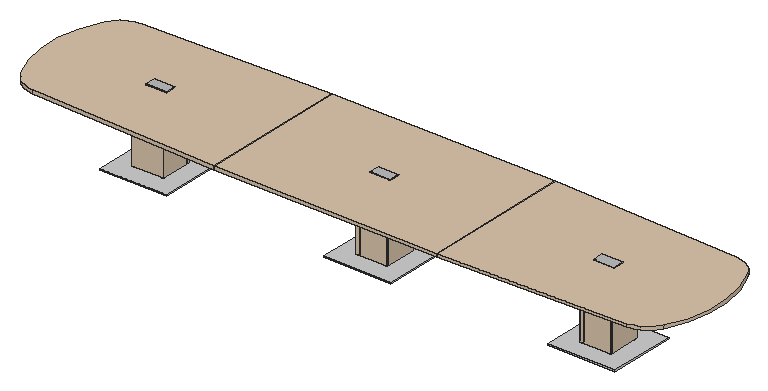
Revit family "Haworth_Planes_ColumnBaseConferenceTable_PebbleThreePiece", category Furniture Systems, Revit 2018 (continued)
Definition of nested family "Haworth_Planes_Worksurface_Pebble_3Piece_PART"
  Definition of nested family "Haworth_Planes_Worksurface_Pebble60_3Pieces_Part"
    Automatic sketch dimensions
      plane 1 "Center F/B" to Masking region 8 sketch curve = 678.2735"
      Masking region 8 sketch curve to Masking region 8 sketch curve = 58.37031"  (x2)
      Masking region 8 sketch curve to Masking region 8 sketch curve = 29.17804"  (x3)
      Masking region 8 sketch curve to Masking region 8 sketch curve = 78.68392"  (x3)
      plane 1 "Center F/B" to Masking region 8 sketch curve = 29.84"
      Masking region 8 sketch curve to Masking region 8 sketch curve = 14.45132"  (x2)
      Masking region 8 sketch curve to Masking region 8 sketch curve = 15.38868"  (x2)
      Masking region 8 sketch curve to Masking region 8 sketch curve = 30.77737"  (x2)
      Masking region 8 sketch curve to Masking region 8 sketch curve = 29.84"
      Masking region 8 sketch curve to Masking region 8 sketch curve = 648.4335"
      Masking region 8 sketch curve to Masking region 8 sketch curve = 1.07982"  (x4)
      Masking region 9 sketch curve to plane 3 "Center L/R" = 100.71227"
      Masking region 9 sketch curve to Masking region 9 sketch curve = 0"  (x7)
      Masking region 9 sketch curve to Masking region 9 sketch curve = 29.19227"  (x2)
      plane 1 "Center F/B" to Masking region 9 sketch curve = 726.61063"
      Masking region 9 sketch curve to plane 3 "Center L/R" = 40.3429"  (x2)
      Masking region 9 sketch curve to Masking region 9 sketch curve = 31.1771"  (x3)
      Masking region 9 sketch curve to Masking region 9 sketch curve = 80.68579"  (x3)
      plane 1 "Center F/B" to Masking region 9 sketch curve = 29.84"
      Masking region 9 sketch curve to Masking region 9 sketch curve = 14.45132"  (x2)
      Masking region 9 sketch curve to Masking region 9 sketch curve = 15.38868"  (x2)
      Masking region 9 sketch curve to Masking region 9 sketch curve = 30.77737"  (x2)
      Masking region 9 sketch curve to Masking region 9 sketch curve = 29.84"
      Masking region 9 sketch curve to Masking region 9 sketch curve = 696.77063"
      Masking region 9 sketch curve to Masking region 9 sketch curve = 1.07982"  (x4)
      Masking region 10 sketch curve to plane 3 "Center L/R" = 103.71227"
      Masking region 10 sketch curve to Masking region 10 sketch curve = 0"  (x7)
      Masking region 10 sketch curve to Masking region 10 sketch curve = 29.19227"  (x2)
      plane 1 "Center F/B" to Masking region 10 sketch curve = 776.54695"
      Masking region 10 sketch curve to plane 3 "Center L/R" = 41.3438"  (x2)
      Masking region 10 sketch curve to Masking region 10 sketch curve = 33.1762"  (x3)
      Masking region 10 sketch curve to Masking region 10 sketch curve = 82.68761"  (x3)
      plane 1 "Center F/B" to Masking region 10 sketch curve = 29.84"
      Masking region 10 sketch curve to Masking region 10 sketch curve = 14.45132"  (x2)
      Masking region 10 sketch curve to Masking region 10 sketch curve = 15.38868"  (x2)
      Masking region 10 sketch curve to Masking region 10 sketch curve = 30.77737"  (x2)
      Masking region 10 sketch curve to Masking region 10 sketch curve = 29.84"
      Masking region 10 sketch curve to Masking region 10 sketch curve = 746.70695"
      Masking region 10 sketch curve to Masking region 10 sketch curve = 1.07982"  (x4)
      Masking region 11 sketch curve to plane 3 "Center L/R" = 106.71227"
      Masking region 11 sketch curve to Masking region 11 sketch curve = 0"  (x7)
      Masking region 11 sketch curve to Masking region 11 sketch curve = 29.19227"  (x2)
      plane 1 "Center F/B" to Masking region 11 sketch curve = 828.08246"
      Masking region 11 sketch curve to plane 3 "Center L/R" = 42.34469"  (x2)
      Masking region 11 sketch curve to Masking region 11 sketch curve = 35.18"  (x3)
      Masking region 11 sketch curve to Masking region 11 sketch curve = 84.68"
      Masking region 11 sketch curve to Masking region 11 sketch curve = 84.68937"  (x2)
      plane 1 "Center F/B" to Masking region 11 sketch curve = 29.84"
      Masking region 11 sketch curve to Masking region 11 sketch curve = 14.45132"  (x2)
      Masking region 11 sketch curve to Masking region 11 sketch curve = 15.38868"  (x2)
      Masking region 11 sketch curve to Masking region 11 sketch curve = 30.77737"  (x2)
      Masking region 11 sketch curve to Masking region 11 sketch curve = 29.84"
      Masking region 11 sketch curve to Masking region 11 sketch curve = 798.24246"
      Masking region 11 sketch curve to Masking region 11 sketch curve = 1.07982"  (x4)
      Masking region 12 sketch curve to plane 3 "Center L/R" = 109.71227"
      Masking region 12 sketch curve to Masking region 12 sketch curve = 0"  (x7)
      Masking region 12 sketch curve to Masking region 12 sketch curve = 29.19227"  (x2)
      plane 1 "Center F/B" to Masking region 12 sketch curve = 881.21716"
      Masking region 12 sketch curve to plane 3 "Center L/R" = 43.34555"  (x2)
      Masking region 12 sketch curve to Masking region 12 sketch curve = 37.18"  (x3)
      Masking region 12 sketch curve to Masking region 12 sketch curve = 86.68"
      Masking region 12 sketch curve to Masking region 12 sketch curve = 86.69109"  (x2)
      plane 1 "Center F/B" to Masking region 12 sketch curve = 29.84"
      Masking region 12 sketch curve to Masking region 12 sketch curve = 14.45132"  (x2)
      Masking region 12 sketch curve to Masking region 12 sketch curve = 15.38868"  (x2)
      Masking region 12 sketch curve to Masking region 12 sketch curve = 30.77737"  (x2)
      Masking region 12 sketch curve to Masking region 12 sketch curve = 29.84"
      Masking region 12 sketch curve to Masking region 12 sketch curve = 851.37716"
      Masking region 12 sketch curve to Masking region 12 sketch curve = 1.07982"  (x4)
      Masking region 13 sketch curve to plane 3 "Center L/R" = 112.71227"
      Masking region 13 sketch curve to Masking region 13 sketch curve = 0"  (x6)
      Masking region 13 sketch curve to Masking region 13 sketch curve = 29.19227"  (x2)
      plane 1 "Center F/B" to Masking region 13 sketch curve = 935.95104"  (x2)
      Masking region 13 sketch curve to plane 3 "Center L/R" = 44.34639"  (x2)
      Masking region 13 sketch curve to Masking region 13 sketch curve = 39.18"  (x3)
      Masking region 13 sketch curve to Masking region 13 sketch curve = 88.68"
      Masking region 13 sketch curve to Masking region 13 sketch curve = 88.69277"  (x2)
      plane 1 "Center F/B" to Masking region 13 sketch curve = 29.84"
      Masking region 13 sketch curve to Masking region 13 sketch curve = 14.45132"  (x2)
      Masking region 13 sketch curve to Masking region 13 sketch curve = 15.38868"  (x2)
      Masking region 13 sketch curve to Masking region 13 sketch curve = 30.77737"  (x2)
      Masking region 13 sketch curve to Masking region 13 sketch curve = 29.84"
      Masking region 13 sketch curve to Masking region 13 sketch curve = 906.11104"
      Masking region 13 sketch curve to Masking region 13 sketch curve = 1.07982"  (x4)
      Masking region 14 sketch curve to plane 3 "Center L/R" = 115.71227"
      Masking region 14 sketch curve to Masking region 14 sketch curve = 0"  (x6)
      Masking region 14 sketch curve to Masking region 14 sketch curve = 29.19227"  (x2)
      plane 1 "Center F/B" to Masking region 14 sketch curve = 992.28412"  (x2)
      Masking region 14 sketch curve to plane 3 "Center L/R" = 45.34721"  (x2)
      Masking region 14 sketch curve to Masking region 14 sketch curve = 41.18"  (x3)
      Masking region 14 sketch curve to Masking region 14 sketch curve = 90.68"
      Masking region 14 sketch curve to Masking region 14 sketch curve = 90.69442"  (x2)
      plane 1 "Center F/B" to Masking region 14 sketch curve = 29.84"
      Masking region 14 sketch curve to Masking region 14 sketch curve = 14.45132"  (x2)
      Masking region 14 sketch curve to Masking region 14 sketch curve = 15.38868"  (x2)
      Masking region 14 sketch curve to Masking region 14 sketch curve = 30.77737"  (x2)
      Masking region 14 sketch curve to Masking region 14 sketch curve = 29.84"
      Masking region 14 sketch curve to Masking region 14 sketch curve = 962.44412"
      Masking region 14 sketch curve to Masking region 14 sketch curve = 1.07982"  (x4)
      Masking region 15 sketch curve to plane 3 "Center L/R" = 118.71227"
      Masking region 15 sketch curve to Masking region 15 sketch curve = 0"  (x6)
      Masking region 15 sketch curve to Masking region 15 sketch curve = 29.19227"  (x2)
      plane 1 "Center F/B" to Masking region 15 sketch curve = 1050.21638"  (x2)
      Masking region 15 sketch curve to plane 3 "Center L/R" = 46.34801"  (x2)
      Masking region 15 sketch curve to Masking region 15 sketch curve = 43.18"  (x3)
      Masking region 15 sketch curve to Masking region 15 sketch curve = 92.68"
      Masking region 15 sketch curve to Masking region 15 sketch curve = 92.69603"  (x2)
      plane 1 "Center F/B" to Masking region 15 sketch curve = 29.84"
      Masking region 15 sketch curve to Masking region 15 sketch curve = 14.45132"  (x2)
      Masking region 15 sketch curve to Masking region 15 sketch curve = 15.38868"  (x2)
      Masking region 15 sketch curve to Masking region 15 sketch curve = 30.77737"  (x2)
      Masking region 15 sketch curve to Masking region 15 sketch curve = 29.84"
      Masking region 15 sketch curve to Masking region 15 sketch curve = 1020.37638"
      Masking region 15 sketch curve to Masking region 15 sketch curve = 1.07982"  (x4)
  Definition of nested family "Haworth_Planes_Worksurface_Pebble48_3Pieces_Part"
    Parameters (values of type "Worksurface")
      Width = 180"
      Warranty = "https://www.haworth.com/resources/product-info/warranties"
      URL - Product = ""
      URL = "www.haworth.com"
      Thickness = 1 3/16"
      Table Finish = none
      Table Edge Finish = none
      Revision Number = ""
      Note = "Verify Final Dim. w/ Haworth"  # constant formula
      Min. Width = 186"  # constant formula
      Min. Depth = 48"  # constant formula
      Max. Width = 270"  # constant formula
      Max. Depth = 48"  # constant formula
      Manufacturer = "Haworth"  # constant formula
      Depth = 48"  # constant formula
      Cutout Width = 8"  # constant formula
      Cutout Dimension = 3"  # constant formula
      Cutout Depth = 4"  # constant formula
      Center Cutout Offset = Actual Width / 6  # 31"
      Author = "Haworth (Alias)"  # constant formula
      Assembly Code = ""
      Actual Width = if(Width < Min. Width, Min. Width, if(Width > Max. Width, Max. Width, Width))  # 186"
      Actual Height = 29"
      Actual Depth = if(Depth > Max. Depth, Max. Depth, if(Depth < Min. Depth, Min. Depth, Depth))  # 48"
      270w = and(267" < Actual Width, Actual Width < 271")  # no
      264w = and(261" < Actual Width, Actual Width < 268")  # no
      258w = and(255" < Actual Width, Actual Width < 262")  # no
      252w = and(249" < Actual Width, Actual Width < 256")  # no
      246w = and(243" < Actual Width, Actual Width < 250")  # no
      240w = and(237" < Actual Width, Actual Width < 244")  # no
      234w = and(231" < Actual Width, Actual Width < 238")  # no
      228w = and(225" < Actual Width, Actual Width < 232")  # no
      222w = and(219" < Actual Width, Actual Width < 226")  # no
      216w = and(213" < Actual Width, Actual Width < 220")  # no
      210w = and(207" < Actual Width, Actual Width < 214")  # no
      204w = and(201" < Actual Width, Actual Width < 208")  # no
      198w = and(195" < Actual Width, Actual Width < 202")  # no
      192w = and(189" < Actual Width, Actual Width < 196")  # no
      186w = and(185" < Actual Width, Actual Width < 190")  # yes
    Reference planes (in)
      plane 1 "Center F/B": y = 15
      plane 2 "Bottom": z = 0
      plane 3 "Center L/R": x = 0
      plane 4 "Table Top": z = 29
      plane 5 "Table Bottom": z = 27.8125
      plane 6 "Cutout Top": z = 30
      plane 7 "Cutout Bottom": z = 27
      plane 8 "KnifeEdge Middle": z = 28.625
    Forms (in)
      Extrusion 1, solid, material <- "Table Finish", visible <- "186w"
        sketch origin (246.26584, -94.75657, 0) x (1, 0, 0) y (0, 1, 0)
          loop
            arc (-326.67909, 88.43972) -> (-301.9265, 86.51007) -> (-277.10584, 85.91889) r 459.94167
            line (-277.10584, 85.91889) -> (-277.10584, 133.59424)
            arc (-277.10584, 133.59424) -> (-301.9265, 133.00307) -> (-326.67909, 131.07342) r 459.94167
            arc (-326.67909, 131.07342) -> (-333.096, 128.3663) -> (-336.92861, 122.55113) r 12
            arc (-336.92861, 122.55113) -> (-338.78584, 109.75657) -> (-336.92861, 96.96201) r 45
            arc (-336.92861, 96.96201) -> (-333.096, 91.14684) -> (-326.67909, 88.43972) r 12
          loop
            arc (-215.42584, 85.91889) -> (-190.60517, 86.51007) -> (-165.85258, 88.43972) r 459.94167
            arc (-165.85258, 88.43972) -> (-159.43567, 91.14684) -> (-155.60306, 96.96201) r 12
            arc (-155.60306, 96.96201) -> (-153.74584, 109.75657) -> (-155.60306, 122.55113) r 45
            arc (-155.60306, 122.55113) -> (-159.43567, 128.3663) -> (-165.85258, 131.07342) r 12
            arc (-165.85258, 131.07342) -> (-190.60517, 133.00307) -> (-215.42584, 133.59424) r 459.94167
            line (-215.42584, 133.59424) -> (-215.42584, 85.91889)
        from 27.8125 to 29
      Extrusion 2, solid, material <- "Table Finish", visible <- "192w"
        sketch origin (245.89713, -150.09955, 0) x (1, 0, 0) y (0, 1, 0)
          loop
            arc (-277.73713, 188.93741) -> (-303.53038, 188.34609) -> (-329.25861, 186.42256) r 499.05822
            arc (-329.25861, 186.42256) -> (-335.70698, 183.72678) -> (-339.55957, 177.89527) r 12
            arc (-339.55957, 177.89527) -> (-341.41713, 165.09955) -> (-339.55957, 152.30384) r 45
            arc (-339.55957, 152.30384) -> (-335.70698, 146.47233) -> (-329.25861, 143.77655) r 12
            arc (-329.25861, 143.77655) -> (-303.53038, 141.85302) -> (-277.73713, 141.2617) r 499.05822
            line (-277.73713, 141.2617) -> (-277.73713, 188.93741)
          loop
            arc (-214.05713, 141.2617) -> (-188.26388, 141.85302) -> (-162.53566, 143.77655) r 499.05822
            arc (-162.53566, 143.77655) -> (-156.08728, 146.47233) -> (-152.2347, 152.30384) r 12
            arc (-152.2347, 152.30384) -> (-150.37713, 165.09955) -> (-152.2347, 177.89527) r 45
            arc (-152.2347, 177.89527) -> (-156.08728, 183.72678) -> (-162.53566, 186.42256) r 12
            arc (-162.53566, 186.42256) -> (-188.26388, 188.34609) -> (-214.05713, 188.93741) r 499.05822
            line (-214.05713, 188.93741) -> (-214.05713, 141.2617)
        from 27.8125 to 29
      Extrusion 3, solid, material <- "Table Finish", visible <- "198w"
        sketch origin (245.89713, -203.15312, 0) x (1, 0, 0) y (0, 1, 0)
          loop
            line (-278.73713, 194.31509) -> (-278.73713, 241.99114)
            arc (-278.73713, 241.99114) -> (-305.50522, 241.39959) -> (-332.21104, 239.48139) r 539.77619
            arc (-332.21104, 239.48139) -> (-338.68837, 236.79616) -> (-342.55933, 230.94963) r 12
            arc (-342.55933, 230.94963) -> (-344.41713, 218.15312) -> (-342.55933, 205.3566) r 45
            arc (-342.55933, 205.3566) -> (-338.68837, 199.51008) -> (-332.21104, 196.82484) r 12
            arc (-332.21104, 196.82484) -> (-305.50522, 194.90665) -> (-278.73713, 194.31509) r 539.77619
          loop
            arc (-213.05713, 194.31509) -> (-186.28905, 194.90665) -> (-159.58322, 196.82484) r 539.77619
            arc (-159.58322, 196.82484) -> (-153.1059, 199.51008) -> (-149.23494, 205.3566) r 12
            arc (-149.23494, 205.3566) -> (-147.37713, 218.15312) -> (-149.23494, 230.94963) r 45
            arc (-149.23494, 230.94963) -> (-153.1059, 236.79616) -> (-159.58322, 239.48139) r 12
            arc (-159.58322, 239.48139) -> (-186.28905, 241.39959) -> (-213.05713, 241.99114) r 539.77619
            line (-213.05713, 241.99114) -> (-213.05713, 194.31509)
        from 27.8125 to 29
      Extrusion 4, solid, material <- "Table Finish", visible <- "204w"
        sketch origin (245.89713, -254.92312, 0) x (1, 0, 0) y (0, 1, 0)
          loop
            arc (-212.05713, 246.08496) -> (-184.31223, 246.6768) -> (-156.62706, 248.59033) r 582.09556
            arc (-156.62706, 248.59033) -> (-150.12302, 251.26571) -> (-146.23509, 257.12611) r 12
            arc (-146.23509, 257.12611) -> (-144.37713, 269.92312) -> (-146.23509, 282.72014) r 45
            arc (-146.23509, 282.72014) -> (-150.12302, 288.58053) -> (-156.62706, 291.25592) r 12
            arc (-156.62706, 291.25592) -> (-184.31223, 293.16944) -> (-212.05713, 293.76129) r 582.09556
            line (-212.05713, 293.76129) -> (-212.05713, 246.08496)
          loop
            line (-279.73713, 246.08496) -> (-279.73713, 293.76129)
            arc (-279.73713, 293.76129) -> (-307.48204, 293.16944) -> (-335.1672, 291.25592) r 582.09556
            arc (-335.1672, 291.25592) -> (-341.67125, 288.58053) -> (-345.55918, 282.72014) r 12
            arc (-345.55918, 282.72014) -> (-347.41713, 269.92312) -> (-345.55918, 257.12611) r 45
            arc (-345.55918, 257.12611) -> (-341.67125, 251.26571) -> (-335.1672, 248.59033) r 12
            arc (-335.1672, 248.59033) -> (-307.48204, 246.6768) -> (-279.73713, 246.08496) r 582.09556
        from 27.8125 to 29
      Extrusion 5, solid, material <- "Table Finish", visible <- "210w"
        sketch origin (245.87065, -306, 0) x (1, 0, 0) y (0, 1, 0)
          loop
            arc (-211.03065, 297.05204) -> (-182.30718, 297.64422) -> (-153.64113, 299.55364) r 626.01635
            arc (-153.64113, 299.55364) -> (-147.11234, 302.21981) -> (-143.20868, 308.09305) r 12
            arc (-143.20868, 308.09305) -> (-141.35065, 320.89033) -> (-143.20868, 333.68762) r 45
            arc (-143.20868, 333.68762) -> (-147.11234, 339.56085) -> (-153.64113, 342.22702) r 12
            arc (-153.64113, 342.22702) -> (-182.30718, 344.13644) -> (-211.03065, 344.72863) r 626.01635
            line (-211.03065, 344.72863) -> (-211.03065, 297.05204)
          loop
            line (-280.71065, 297.05204) -> (-280.71065, 344.72863)
            arc (-280.71065, 344.72863) -> (-309.43412, 344.13644) -> (-338.10017, 342.22702) r 626.01635
            arc (-338.10017, 342.22702) -> (-344.62895, 339.56085) -> (-348.53262, 333.68762) r 12
            arc (-348.53262, 333.68762) -> (-350.39065, 320.89033) -> (-348.53262, 308.09305) r 45
            arc (-348.53262, 308.09305) -> (-344.62895, 302.21981) -> (-338.10017, 299.55364) r 12
            arc (-338.10017, 299.55364) -> (-309.43412, 297.64422) -> (-280.71065, 297.05204) r 626.01635
        from 27.8125 to 29
      Extrusion 6, solid, material <- "Table Finish", visible <- "216w"
        sketch origin (246.29755, -358.08819, 0) x (1, 0, 0) y (0, 1, 0)
          loop
            line (-282.13755, 349.24978) -> (-282.13755, 396.9266)
            arc (-282.13755, 396.9266) -> (-311.84115, 396.33403) -> (-341.48946, 394.42825) r 671.53854
            arc (-341.48946, 394.42825) -> (-348.04122, 391.77072) -> (-351.9595, 385.88555) r 12
            arc (-351.9595, 385.88555) -> (-353.81755, 373.08819) -> (-351.9595, 360.29083) r 45
            arc (-351.9595, 360.29083) -> (-348.04122, 354.40566) -> (-341.48946, 351.74813) r 12
            arc (-341.48946, 351.74813) -> (-311.84115, 349.84235) -> (-282.13755, 349.24978) r 671.53854
          loop
            arc (-210.45755, 349.24978) -> (-180.75396, 349.84235) -> (-151.10565, 351.74813) r 671.53854
            arc (-151.10565, 351.74813) -> (-144.55389, 354.40566) -> (-140.63561, 360.29083) r 12
            arc (-140.63561, 360.29083) -> (-138.77755, 373.08819) -> (-140.63561, 385.88555) r 45
            arc (-140.63561, 385.88555) -> (-144.55389, 391.77072) -> (-151.10565, 394.42825) r 12
            arc (-151.10565, 394.42825) -> (-180.75396, 396.33403) -> (-210.45755, 396.9266) r 671.53854
            line (-210.45755, 396.9266) -> (-210.45755, 349.24978)
        from 27.8125 to 29
      Extrusion 7, solid, material <- "Table Finish", visible <- "222w"
        sketch origin (245.44136, -409.00645, 0) x (1, 0, 0) y (0, 1, 0)
          loop
            arc (-208.60136, 400.16793) -> (-177.91626, 400.7609) -> (-147.28445, 402.66346) r 718.66215
            arc (-147.28445, 402.66346) -> (-140.71129, 405.31288) -> (-136.77939, 411.20916) r 12
            arc (-136.77939, 411.20916) -> (-134.92136, 424.00645) -> (-136.77939, 436.80374) r 45
            arc (-136.77939, 436.80374) -> (-140.71129, 442.70001) -> (-147.28445, 445.34943) r 12
            arc (-147.28445, 445.34943) -> (-177.91626, 447.25199) -> (-208.60136, 447.84496) r 718.66215
            line (-208.60136, 447.84496) -> (-208.60136, 400.16793)
          loop
            line (-282.28136, 400.16793) -> (-282.28136, 447.84496)
            arc (-282.28136, 447.84496) -> (-312.96646, 447.25199) -> (-343.59827, 445.34943) r 718.66215
            arc (-343.59827, 445.34943) -> (-350.17143, 442.70001) -> (-354.10333, 436.80374) r 12
            arc (-354.10333, 436.80374) -> (-355.96136, 424.00645) -> (-354.10333, 411.20916) r 45
            arc (-354.10333, 411.20916) -> (-350.17143, 405.31288) -> (-343.59827, 402.66346) r 12
            arc (-343.59827, 402.66346) -> (-312.96646, 400.7609) -> (-282.28136, 400.16793) r 718.66215
        from 27.8125 to 29
      Extrusion 8, solid, material <- "Table Finish", visible <- "228w"
        sketch origin (245.81191, -460.95037, 0) x (1, 0, 0) y (0, 1, 0)
          loop
            line (-283.65191, 452.11176) -> (-283.65191, 499.78898)
            arc (-283.65191, 499.78898) -> (-315.31977, 499.19558) -> (-346.93617, 497.2959) r 767.38717
            arc (-346.93617, 497.2959) -> (-353.52932, 494.65411) -> (-357.47394, 488.74746) r 12
            arc (-357.47394, 488.74746) -> (-359.33191, 475.95037) -> (-357.47394, 463.15328) r 45
            arc (-357.47394, 463.15328) -> (-353.52932, 457.24663) -> (-346.93617, 454.60484) r 12
            arc (-346.93617, 454.60484) -> (-315.31977, 452.70516) -> (-283.65191, 452.11176) r 767.38717
          loop
            arc (-207.97191, 452.11176) -> (-176.30405, 452.70516) -> (-144.68765, 454.60484) r 767.38717
            arc (-144.68765, 454.60484) -> (-138.09451, 457.24663) -> (-134.14989, 463.15328) r 12
            arc (-134.14989, 463.15328) -> (-132.29191, 475.95037) -> (-134.14989, 488.74746) r 45
            arc (-134.14989, 488.74746) -> (-138.09451, 494.65411) -> (-144.68765, 497.2959) r 12
            arc (-144.68765, 497.2959) -> (-176.30405, 499.19558) -> (-207.97191, 499.78898) r 767.38717
            line (-207.97191, 499.78898) -> (-207.97191, 452.11176)
        from 27.8125 to 29
      Extrusion 9, solid, material <- "Table Finish", visible <- "234w"
        sketch origin (245.81191, -514.33881, 0) x (1, 0, 0) y (0, 1, 0)
          loop
            arc (-206.97191, 505.50011) -> (-174.32017, 506.09395) -> (-141.71818, 507.99107) r 817.7136
            arc (-141.71818, 507.99107) -> (-135.10634, 510.62565) -> (-131.1498, 516.54201) r 12
            arc (-131.1498, 516.54201) -> (-129.29191, 529.33881) -> (-131.1498, 542.13561) r 45
            arc (-131.1498, 542.13561) -> (-135.10634, 548.05197) -> (-141.71818, 550.68656) r 12
            arc (-141.71818, 550.68656) -> (-174.32017, 552.58367) -> (-206.97191, 553.17751) r 817.7136
            line (-206.97191, 553.17751) -> (-206.97191, 505.50011)
          loop
            line (-284.65191, 505.50011) -> (-284.65191, 553.17751)
            arc (-284.65191, 553.17751) -> (-317.30366, 552.58367) -> (-349.90565, 550.68656) r 817.7136
            arc (-349.90565, 550.68656) -> (-356.51749, 548.05197) -> (-360.47403, 542.13561) r 12
            arc (-360.47403, 542.13561) -> (-362.33191, 529.33881) -> (-360.47403, 516.54201) r 45
            arc (-360.47403, 516.54201) -> (-356.51749, 510.62565) -> (-349.90565, 507.99107) r 12
            arc (-349.90565, 507.99107) -> (-317.30366, 506.09395) -> (-284.65191, 505.50011) r 817.7136
        from 27.8125 to 29
      Extrusion 10, solid, material <- "Table Finish", visible <- "240w"
        sketch origin (246, -565.90155, 0) x (1, 0, 0) y (0, 1, 0)
          loop
            line (-285.70994, 557.06277) -> (-285.70994, 604.74032)
            arc (-285.70994, 604.74032) -> (-319.34658, 604.14604) -> (-352.93507, 602.25123) r 869.64144
            arc (-352.93507, 602.25123) -> (-359.56445, 599.62344) -> (-363.53217, 593.69797) r 12
            arc (-363.53217, 593.69797) -> (-365.38994, 580.90155) -> (-363.53217, 568.10513) r 45
            arc (-363.53217, 568.10513) -> (-359.56445, 562.17965) -> (-352.93507, 559.55187) r 12
            arc (-352.93507, 559.55187) -> (-319.34658, 557.65705) -> (-285.70994, 557.06277) r 869.64144
          loop
            arc (-206.02994, 557.06277) -> (-172.39331, 557.65705) -> (-138.80482, 559.55187) r 869.64144
            arc (-138.80482, 559.55187) -> (-132.17544, 562.17965) -> (-128.20772, 568.10513) r 12
            arc (-128.20772, 568.10513) -> (-126.34994, 580.90155) -> (-128.20772, 593.69797) r 45
            arc (-128.20772, 593.69797) -> (-132.17544, 599.62344) -> (-138.80482, 602.25123) r 12
            arc (-138.80482, 602.25123) -> (-172.39331, 604.14604) -> (-206.02994, 604.74032) r 869.64144
            line (-206.02994, 604.74032) -> (-206.02994, 557.06277)
        from 27.8125 to 29
      Extrusion 11, solid, material <- "Table Finish", visible <- "246w"
        sketch origin (245.51366, -616.21148, 0) x (1, 0, 0) y (0, 1, 0)
          loop
            arc (-204.67366, 607.37263) -> (-170.05121, 607.96736) -> (-135.47541, 609.86011) r 923.17069
            arc (-135.47541, 609.86011) -> (-128.82954, 612.48146) -> (-124.85131, 618.4155) r 12
            arc (-124.85131, 618.4155) -> (-122.99366, 631.21148) -> (-124.85131, 644.00746) r 45
            arc (-124.85131, 644.00746) -> (-128.82954, 649.94149) -> (-135.47541, 652.56285) r 12
            arc (-135.47541, 652.56285) -> (-170.05121, 654.4556) -> (-204.67366, 655.05033) r 923.17069
            line (-204.67366, 655.05033) -> (-204.67366, 607.37263)
          loop
            line (-286.35366, 607.37263) -> (-286.35366, 655.05033)
            arc (-286.35366, 655.05033) -> (-320.97612, 654.4556) -> (-355.55192, 652.56285) r 923.17069
            arc (-355.55192, 652.56285) -> (-362.19779, 649.94149) -> (-366.17602, 644.00746) r 12
            arc (-366.17602, 644.00746) -> (-368.03366, 631.21148) -> (-366.17602, 618.4155) r 45
            arc (-366.17602, 618.4155) -> (-362.19779, 612.48146) -> (-355.55192, 609.86011) r 12
            arc (-355.55192, 609.86011) -> (-320.97612, 607.96736) -> (-286.35366, 607.37263) r 923.17069
        from 27.8125 to 29
      Extrusion 12, solid, material <- "Table Finish", visible <- "252w"
        sketch origin (245.59049, -665.89644, 0) x (1, 0, 0) y (0, 1, 0)
          loop
            line (-287.43049, 657.05752) -> (-287.43049, 704.73535)
            arc (-287.43049, 704.73535) -> (-323.0396, 704.14017) -> (-358.60346, 702.24929) r 978.30135
            arc (-358.60346, 702.24929) -> (-365.26486, 699.63403) -> (-369.25299, 693.69193) r 12
            arc (-369.25299, 693.69193) -> (-371.11049, 680.89644) -> (-369.25299, 668.10095) r 45
            arc (-369.25299, 668.10095) -> (-365.26486, 662.15885) -> (-358.60346, 659.54359) r 12
            arc (-358.60346, 659.54359) -> (-323.0396, 657.6527) -> (-287.43049, 657.05752) r 978.30135
          loop
            arc (-203.75049, 657.05752) -> (-168.14138, 657.6527) -> (-132.57752, 659.54359) r 978.30135
            arc (-132.57752, 659.54359) -> (-125.91612, 662.15885) -> (-121.92799, 668.10095) r 12
            arc (-121.92799, 668.10095) -> (-120.07049, 680.89644) -> (-121.92799, 693.69193) r 45
            arc (-121.92799, 693.69193) -> (-125.91612, 699.63403) -> (-132.57752, 702.24929) r 12
            arc (-132.57752, 702.24929) -> (-168.14138, 704.14017) -> (-203.75049, 704.73535) r 978.30135
            line (-203.75049, 704.73535) -> (-203.75049, 657.05752)
        from 27.8125 to 29
      Extrusion 13, solid, material <- "Table Finish", visible <- "258w"
        sketch origin (245.82512, -715.85657, 0) x (1, 0, 0) y (0, 1, 0)
          loop
            arc (-202.98512, 707.01759) -> (-166.38858, 707.61322) -> (-129.83598, 709.50242) r 1035.03342
            arc (-129.83598, 709.50242) -> (-123.15994, 712.11189) -> (-119.16246, 718.06161) r 12
            arc (-119.16246, 718.06161) -> (-117.30512, 730.85657) -> (-119.16246, 743.65152) r 45
            arc (-119.16246, 743.65152) -> (-123.15994, 749.60124) -> (-129.83598, 752.21072) r 12
            arc (-129.83598, 752.21072) -> (-166.38858, 754.09991) -> (-202.98512, 754.69554) r 1035.03342
            line (-202.98512, 754.69554) -> (-202.98512, 707.01759)
          loop
            line (-288.66512, 707.01759) -> (-288.66512, 754.69554)
            arc (-288.66512, 754.69554) -> (-325.26165, 754.09991) -> (-361.81425, 752.21072) r 1035.03342
            arc (-361.81425, 752.21072) -> (-368.4903, 749.60124) -> (-372.48778, 743.65152) r 12
            arc (-372.48778, 743.65152) -> (-374.34512, 730.85657) -> (-372.48778, 718.06161) r 45
            arc (-372.48778, 718.06161) -> (-368.4903, 712.11189) -> (-361.81425, 709.50242) r 12
            arc (-361.81425, 709.50242) -> (-325.26165, 707.61322) -> (-288.66512, 707.01759) r 1035.03342
        from 27.8125 to 29
      Extrusion 14, solid, material <- "Table Finish", visible <- "264w"
        sketch origin (246.09494, -766.82462, 0) x (1, 0, 0) y (0, 1, 0)
          loop
            line (-289.93494, 757.98559) -> (-289.93494, 805.66365)
            arc (-289.93494, 805.66365) -> (-327.5196, 805.06758) -> (-365.06156, 803.17991) r 1093.36691
            arc (-365.06156, 803.17991) -> (-371.75145, 800.57593) -> (-375.75776, 794.61902) r 12
            arc (-375.75776, 794.61902) -> (-377.61494, 781.82462) -> (-375.75776, 769.03023) r 45
            arc (-375.75776, 769.03023) -> (-371.75145, 763.07332) -> (-365.06156, 760.46934) r 12
            arc (-365.06156, 760.46934) -> (-327.5196, 758.58166) -> (-289.93494, 757.98559) r 1093.36691
          loop
            arc (-202.25494, 757.98559) -> (-164.67028, 758.58166) -> (-127.12832, 760.46934) r 1093.36691
            arc (-127.12832, 760.46934) -> (-120.43843, 763.07332) -> (-116.43211, 769.03023) r 12
            arc (-116.43211, 769.03023) -> (-114.57494, 781.82462) -> (-116.43211, 794.61902) r 45
            arc (-116.43211, 794.61902) -> (-120.43843, 800.57593) -> (-127.12832, 803.17991) r 12
            arc (-127.12832, 803.17991) -> (-164.67028, 805.06758) -> (-202.25494, 805.66365) r 1093.36691
            line (-202.25494, 805.66365) -> (-202.25494, 757.98559)
        from 27.8125 to 29
      Extrusion 15, solid, material <- "Table Finish", visible <- "270w"
        sketch origin (247.23913, -818.23831, 0) x (1, 0, 0) y (0, 1, 0)
          loop
            line (-292.07913, 809.39923) -> (-292.07913, 857.0774)
            arc (-292.07913, 857.0774) -> (-330.65255, 856.48088) -> (-369.18445, 854.5946) r 1153.3018
            arc (-369.18445, 854.5946) -> (-375.88744, 851.99584) -> (-379.90213, 846.03212) r 12
            arc (-379.90213, 846.03212) -> (-381.75913, 833.23831) -> (-379.90213, 820.44451) r 45
            arc (-379.90213, 820.44451) -> (-375.88744, 814.48079) -> (-369.18445, 811.88203) r 12
            arc (-369.18445, 811.88203) -> (-330.65255, 809.99575) -> (-292.07913, 809.39923) r 1153.3018
          loop
            arc (-202.39913, 809.39923) -> (-163.8257, 809.99575) -> (-125.29381, 811.88203) r 1153.3018
            arc (-125.29381, 811.88203) -> (-118.59081, 814.48079) -> (-114.57613, 820.44451) r 12
            arc (-114.57613, 820.44451) -> (-112.71913, 833.23831) -> (-114.57613, 846.03212) r 45
            arc (-114.57613, 846.03212) -> (-118.59081, 851.99584) -> (-125.29381, 854.5946) r 12
            arc (-125.29381, 854.5946) -> (-163.8257, 856.48088) -> (-202.39913, 857.0774) r 1153.3018
            line (-202.39913, 857.0774) -> (-202.39913, 809.39923)
        from 27.8125 to 29
      Extrusion 16, solid, material <- "Table Finish", visible <- "186w"
        sketch origin (246.26584, -94.75657, 0) x (1, 0, 0) y (0, 1, 0)
          loop
            line (-277.10584, 133.59424) -> (-277.10584, 85.91889) -> (-215.42584, 85.91889) -> (-215.42584, 133.59424) -> (-277.10584, 133.59424)
        from 27.8125 to 29
      Extrusion 17, solid, material <- "Table Finish", visible <- "192w"
        sketch origin (245.89713, -150.09955, 0) x (1, 0, 0) y (0, 1, 0)
          loop
            line (-277.73713, 188.93741) -> (-277.73713, 141.2617) -> (-214.05713, 141.2617) -> (-214.05713, 188.93741) -> (-277.73713, 188.93741)
        from 27.8125 to 29
      Extrusion 18, solid, material <- "Table Finish", visible <- "198w"
        sketch origin (245.89713, -203.15312, 0) x (1, 0, 0) y (0, 1, 0)
          loop
            line (-278.73713, 241.99114) -> (-278.73713, 194.31509) -> (-213.05713, 194.31509) -> (-213.05713, 241.99114) -> (-278.73713, 241.99114)
        from 27.8125 to 29
      Extrusion 19, solid, material <- "Table Finish", visible <- "204w"
        sketch origin (245.89713, -254.92312, 0) x (1, 0, 0) y (0, 1, 0)
          loop
            line (-279.73713, 293.76129) -> (-279.73713, 246.08496) -> (-212.05713, 246.08496) -> (-212.05713, 293.76129) -> (-279.73713, 293.76129)
        from 27.8125 to 29
      Extrusion 20, solid, material <- "Table Finish", visible <- "210w"
        sketch origin (245.87065, -306, 0) x (1, 0, 0) y (0, 1, 0)
          loop
            line (-280.71065, 344.72863) -> (-280.71065, 297.05204) -> (-211.03065, 297.05204) -> (-211.03065, 344.72863) -> (-280.71065, 344.72863)
        from 27.8125 to 29
      Extrusion 21, solid, material <- "Table Finish", visible <- "216w"
        sketch origin (246.29755, -358.08819, 0) x (1, 0, 0) y (0, 1, 0)
          loop
            line (-282.13755, 396.9266) -> (-282.13755, 349.24978) -> (-210.45755, 349.24978) -> (-210.45755, 396.9266) -> (-282.13755, 396.9266)
        from 27.8125 to 29
      Extrusion 22, solid, material <- "Table Finish", visible <- "222w"
        sketch origin (245.44136, -409.00645, 0) x (1, 0, 0) y (0, 1, 0)
          loop
            line (-282.28136, 447.84496) -> (-282.28136, 400.16793) -> (-208.60136, 400.16793) -> (-208.60136, 447.84496) -> (-282.28136, 447.84496)
        from 27.8125 to 29
      Extrusion 23, solid, material <- "Table Finish", visible <- "228w"
        sketch origin (245.81191, -460.95037, 0) x (1, 0, 0) y (0, 1, 0)
          loop
            line (-283.65191, 499.78898) -> (-283.65191, 452.11176) -> (-207.97191, 452.11176) -> (-207.97191, 499.78898) -> (-283.65191, 499.78898)
        from 27.8125 to 29
      Extrusion 24, solid, material <- "Table Finish", visible <- "234w"
        sketch origin (245.81191, -514.33881, 0) x (1, 0, 0) y (0, 1, 0)
          loop
            line (-284.65191, 553.17751) -> (-284.65191, 505.50011) -> (-206.97191, 505.50011) -> (-206.97191, 553.17751) -> (-284.65191, 553.17751)
        from 27.8125 to 29
      Extrusion 25, solid, material <- "Table Finish", visible <- "240w"
        sketch origin (246, -565.90155, 0) x (1, 0, 0) y (0, 1, 0)
          loop
            line (-285.70994, 604.74032) -> (-285.70994, 557.06277) -> (-206.02994, 557.06277) -> (-206.02994, 604.74032) -> (-285.70994, 604.74032)
        from 27.8125 to 29
      Extrusion 26, solid, material <- "Table Finish", visible <- "252w"
        sketch origin (245.59049, -665.89644, 0) x (1, 0, 0) y (0, 1, 0)
          loop
            line (-287.43049, 704.73535) -> (-287.43049, 657.05752) -> (-203.75049, 657.05752) -> (-203.75049, 704.73535) -> (-287.43049, 704.73535)
        from 27.8125 to 29
      Extrusion 27, solid, material <- "Table Finish", visible <- "246w"
        sketch origin (245.51366, -616.21148, 0) x (1, 0, 0) y (0, 1, 0)
          loop
            line (-286.35366, 655.05033) -> (-286.35366, 607.37263) -> (-204.67366, 607.37263) -> (-204.67366, 655.05033) -> (-286.35366, 655.05033)
        from 27.8125 to 29
      Extrusion 28, solid, material <- "Table Finish", visible <- "258w"
        sketch origin (245.82512, -715.85657, 0) x (1, 0, 0) y (0, 1, 0)
          loop
            line (-288.66512, 754.69554) -> (-288.66512, 707.01759) -> (-202.98512, 707.01759) -> (-202.98512, 754.69554) -> (-288.66512, 754.69554)
        from 27.8125 to 29
      Extrusion 29, solid, material <- "Table Finish", visible <- "264w"
        sketch origin (246.09494, -766.82462, 0) x (1, 0, 0) y (0, 1, 0)
          loop
            line (-289.93494, 805.66365) -> (-289.93494, 757.98559) -> (-202.25494, 757.98559) -> (-202.25494, 805.66365) -> (-289.93494, 805.66365)
        from 27.8125 to 29
      Extrusion 30, solid, material <- "Table Finish", visible <- "270w"
        sketch origin (247.23913, -818.23831, 0) x (1, 0, 0) y (0, 1, 0)
          loop
            line (-292.07913, 857.0774) -> (-292.07913, 809.39923) -> (-202.39913, 809.39923) -> (-202.39913, 857.0774) -> (-292.07913, 857.0774)
        from 27.8125 to 29
    Lines and regions (in)
      Masking region 1, visible <- "186w"
        outline origin (246.26584, -94.75657, 0) x (1, 0, 0) y (0, 1, 0)
          loop
            arc (-278.60584, 133.59657) -> (-302.56472, 132.97017) -> (-326.45845, 131.09657) r 459.94167
            arc (-326.45845, 131.09657) -> (-333.00978, 128.43887) -> (-336.92778, 122.55393) r 12
            arc (-336.92778, 122.55393) -> (-338.78584, 109.75657) -> (-336.92778, 96.9592) r 45
            arc (-336.92778, 96.9592) -> (-333.00978, 91.07427) -> (-326.45845, 88.41657) r 12
            arc (-326.45845, 88.41657) -> (-302.56472, 86.54297) -> (-278.60584, 85.91657) r 459.94167
            line (-278.60584, 85.91657) -> (-213.92584, 85.91657)
            arc (-213.92584, 85.91657) -> (-189.96695, 86.54297) -> (-166.07322, 88.41657) r 459.94167
            arc (-166.07322, 88.41657) -> (-159.52189, 91.07427) -> (-155.60389, 96.9592) r 12
            arc (-155.60389, 96.9592) -> (-153.74584, 109.75657) -> (-155.60389, 122.55393) r 45
            arc (-155.60389, 122.55393) -> (-159.52189, 128.43887) -> (-166.07322, 131.09657) r 12
            arc (-166.07322, 131.09657) -> (-189.96695, 132.97017) -> (-213.92583, 133.59657) r 459.94167
            line (-213.92583, 133.59657) -> (-278.60584, 133.59657)
      Masking region 2, visible <- "192w"
        outline origin (245.89713, -150.09955, 0) x (1, 0, 0) y (0, 1, 0)
          loop
            arc (-339.55908, 177.89692) -> (-341.41713, 165.09955) -> (-339.55908, 152.30219) r 45
            arc (-339.55908, 152.30219) -> (-335.64108, 146.41725) -> (-329.08975, 143.75955) r 12
            arc (-329.08975, 143.75955) -> (-304.19472, 141.88589) -> (-279.23713, 141.25955) r 499.05822
            line (-279.23713, 141.25955) -> (-212.55713, 141.25955)
            arc (-212.55713, 141.25955) -> (-187.59955, 141.88589) -> (-162.70452, 143.75955) r 499.05822
            arc (-162.70452, 143.75955) -> (-156.15319, 146.41725) -> (-152.23519, 152.30219) r 12
            arc (-152.23519, 152.30219) -> (-150.37713, 165.09955) -> (-152.23519, 177.89692) r 45
            arc (-152.23519, 177.89692) -> (-156.15319, 183.78186) -> (-162.70452, 186.43955) r 12
            arc (-162.70452, 186.43955) -> (-187.59955, 188.31322) -> (-212.55713, 188.93955) r 499.05822
            line (-212.55713, 188.93955) -> (-279.23714, 188.93955)
            arc (-279.23714, 188.93955) -> (-304.19472, 188.31322) -> (-329.08975, 186.43955) r 499.05822
            arc (-329.08975, 186.43955) -> (-335.64108, 183.78186) -> (-339.55908, 177.89692) r 12
      Masking region 3, visible <- "198w"
        outline origin (245.89713, -203.15312, 0) x (1, 0, 0) y (0, 1, 0)
          loop
            arc (-342.55908, 230.95048) -> (-344.41713, 218.15312) -> (-342.55908, 205.35575) r 45
            arc (-342.55908, 205.35575) -> (-338.64108, 199.47081) -> (-332.08975, 196.81312) r 12
            arc (-332.08975, 196.81312) -> (-306.19351, 194.93939) -> (-280.23713, 194.31312) r 539.77619
            line (-280.23713, 194.31312) -> (-211.55713, 194.31312)
            arc (-211.55713, 194.31312) -> (-185.60076, 194.93939) -> (-159.70452, 196.81312) r 539.77619
            arc (-159.70452, 196.81312) -> (-153.15319, 199.47081) -> (-149.23519, 205.35575) r 12
            arc (-149.23519, 205.35575) -> (-147.37713, 218.15312) -> (-149.23519, 230.95048) r 45
            arc (-149.23519, 230.95048) -> (-153.15319, 236.83542) -> (-159.70452, 239.49312) r 12
            arc (-159.70452, 239.49312) -> (-185.60076, 241.36684) -> (-211.55713, 241.99312) r 539.77619
            line (-211.55713, 241.99312) -> (-280.23714, 241.99312)
            arc (-280.23714, 241.99312) -> (-306.19351, 241.36684) -> (-332.08975, 239.49312) r 539.77619
            arc (-332.08975, 239.49312) -> (-338.64108, 236.83542) -> (-342.55908, 230.95048) r 12
      Masking region 4, visible <- "204w"
        outline origin (245.89713, -254.92312, 0) x (1, 0, 0) y (0, 1, 0)
          loop
            arc (-345.55908, 282.72049) -> (-347.41713, 269.92312) -> (-345.55908, 257.12576) r 45
            arc (-345.55908, 257.12576) -> (-341.64108, 251.24082) -> (-335.08975, 248.58312) r 12
            arc (-335.08975, 248.58312) -> (-308.1924, 246.70935) -> (-281.23713, 246.08312) r 582.09556
            line (-281.23713, 246.08312) -> (-210.55713, 246.08312)
            arc (-210.55713, 246.08312) -> (-183.60187, 246.70935) -> (-156.70452, 248.58312) r 582.09556
            arc (-156.70452, 248.58312) -> (-150.15319, 251.24082) -> (-146.23519, 257.12576) r 12
            arc (-146.23519, 257.12576) -> (-144.37713, 269.92312) -> (-146.23519, 282.72049) r 45
            arc (-146.23519, 282.72049) -> (-150.15319, 288.60543) -> (-156.70452, 291.26312) r 12
            arc (-156.70452, 291.26312) -> (-183.60187, 293.1369) -> (-210.55713, 293.76312) r 582.09556
            line (-210.55713, 293.76312) -> (-281.23714, 293.76312)
            arc (-281.23714, 293.76312) -> (-308.1924, 293.1369) -> (-335.08975, 291.26312) r 582.09556
            arc (-335.08975, 291.26312) -> (-341.64108, 288.60543) -> (-345.55908, 282.72049) r 12
      Masking region 5, visible <- "210w"
        outline origin (245.87065, -306, 0) x (1, 0, 0) y (0, 1, 0)
          loop
            arc (-348.53259, 333.6877) -> (-350.39065, 320.89033) -> (-348.53259, 308.09297) r 45
            arc (-348.53259, 308.09297) -> (-344.61459, 302.20803) -> (-338.06326, 299.55033) r 12
            arc (-338.06326, 299.55033) -> (-310.16488, 297.67651) -> (-282.21065, 297.05033) r 626.01635
            line (-282.21065, 297.05033) -> (-209.53065, 297.05033)
            arc (-209.53065, 297.05033) -> (-181.57642, 297.67651) -> (-153.67803, 299.55033) r 626.01635
            arc (-153.67803, 299.55033) -> (-147.12671, 302.20803) -> (-143.2087, 308.09297) r 12
            arc (-143.2087, 308.09297) -> (-141.35065, 320.89033) -> (-143.2087, 333.6877) r 45
            arc (-143.2087, 333.6877) -> (-147.12671, 339.57263) -> (-153.67803, 342.23033) r 12
            arc (-153.67803, 342.23033) -> (-181.57642, 344.10416) -> (-209.53065, 344.73033) r 626.01635
            line (-209.53065, 344.73033) -> (-282.21065, 344.73033)
            arc (-282.21065, 344.73033) -> (-310.16488, 344.10416) -> (-338.06326, 342.23033) r 626.01635
            arc (-338.06326, 342.23033) -> (-344.61459, 339.57263) -> (-348.53259, 333.6877) r 12
      Masking region 6, visible <- "216w"
        outline origin (246.29755, -358.08819, 0) x (1, 0, 0) y (0, 1, 0)
          loop
            arc (-351.9595, 385.88555) -> (-353.81755, 373.08819) -> (-351.9595, 360.29083) r 45
            arc (-351.9595, 360.29083) -> (-348.04122, 354.40566) -> (-341.48946, 351.74813) r 12
            arc (-341.48946, 351.74813) -> (-312.59046, 349.87431) -> (-283.63755, 349.24819) r 671.53854
            line (-283.63755, 349.24819) -> (-208.95755, 349.24819)
            arc (-208.95755, 349.24819) -> (-180.00464, 349.87431) -> (-151.10565, 351.74813) r 671.53854
            arc (-151.10565, 351.74813) -> (-144.55389, 354.40566) -> (-140.63561, 360.29083) r 12
            arc (-140.63561, 360.29083) -> (-138.77755, 373.08819) -> (-140.63561, 385.88555) r 45
            arc (-140.63561, 385.88555) -> (-144.55389, 391.77072) -> (-151.10565, 394.42825) r 12
            arc (-151.10565, 394.42825) -> (-180.00464, 396.30207) -> (-208.95755, 396.92819) r 671.53854
            line (-208.95755, 396.92819) -> (-283.63756, 396.92819)
            arc (-283.63756, 396.92819) -> (-312.59047, 396.30207) -> (-341.48946, 394.42825) r 671.53854
            arc (-341.48946, 394.42825) -> (-348.04122, 391.77072) -> (-351.9595, 385.88555) r 12
      Masking region 7, visible <- "222w"
        outline origin (245.44136, -409.00645, 0) x (1, 0, 0) y (0, 1, 0)
          loop
            arc (-354.10331, 436.80381) -> (-355.96136, 424.00645) -> (-354.10331, 411.20908) r 45
            arc (-354.10331, 411.20908) -> (-350.1853, 405.32414) -> (-343.63397, 402.66645) r 12
            arc (-343.63397, 402.66645) -> (-313.73373, 400.79254) -> (-283.78136, 400.16645) r 718.66215
            line (-283.78136, 400.16645) -> (-207.10136, 400.16645)
            arc (-207.10136, 400.16645) -> (-177.149, 400.79254) -> (-147.24875, 402.66645) r 718.66215
            arc (-147.24875, 402.66645) -> (-140.69742, 405.32414) -> (-136.77942, 411.20908) r 12
            arc (-136.77942, 411.20908) -> (-134.92136, 424.00645) -> (-136.77942, 436.80381) r 45
            arc (-136.77942, 436.80381) -> (-140.69742, 442.68875) -> (-147.24875, 445.34645) r 12
            arc (-147.24875, 445.34645) -> (-177.14899, 447.22035) -> (-207.10136, 447.84645) r 718.66215
            line (-207.10136, 447.84645) -> (-283.78136, 447.84645)
            arc (-283.78136, 447.84645) -> (-313.73373, 447.22035) -> (-343.63397, 445.34645) r 718.66215
            arc (-343.63397, 445.34645) -> (-350.1853, 442.68875) -> (-354.10331, 436.80381) r 12
      Masking region 8, visible <- "228w"
        outline origin (245.81191, -460.95037, 0) x (1, 0, 0) y (0, 1, 0)
          loop
            arc (-357.47386, 488.74774) -> (-359.33191, 475.95037) -> (-357.47386, 463.15301) r 45
            arc (-357.47386, 463.15301) -> (-353.55586, 457.26807) -> (-347.00453, 454.61037) r 12
            arc (-347.00453, 454.61037) -> (-316.10344, 452.73643) -> (-285.15191, 452.11037) r 767.38717
            line (-285.15191, 452.11037) -> (-206.47191, 452.11037)
            arc (-206.47191, 452.11037) -> (-175.52039, 452.73643) -> (-144.6193, 454.61037) r 767.38717
            arc (-144.6193, 454.61037) -> (-138.06797, 457.26807) -> (-134.14997, 463.15301) r 12
            arc (-134.14997, 463.15301) -> (-132.29191, 475.95037) -> (-134.14997, 488.74774) r 45
            arc (-134.14997, 488.74774) -> (-138.06797, 494.63267) -> (-144.6193, 497.29037) r 12
            arc (-144.6193, 497.29037) -> (-175.52039, 499.16431) -> (-206.47191, 499.79037) r 767.38717
            line (-206.47191, 499.79037) -> (-285.15192, 499.79037)
            arc (-285.15192, 499.79037) -> (-316.10344, 499.16431) -> (-347.00453, 497.29037) r 767.38717
            arc (-347.00453, 497.29037) -> (-353.55586, 494.63267) -> (-357.47386, 488.74774) r 12
      Masking region 9, visible <- "234w"
        outline origin (245.81191, -514.33881, 0) x (1, 0, 0) y (0, 1, 0)
          loop
            arc (-360.47386, 542.13618) -> (-362.33191, 529.33881) -> (-360.47386, 516.54145) r 45
            arc (-360.47386, 516.54145) -> (-356.55586, 510.65651) -> (-350.00453, 507.99881) r 12
            arc (-350.00453, 507.99881) -> (-318.10265, 506.12484) -> (-286.15191, 505.49881) r 817.7136
            line (-286.15191, 505.49881) -> (-205.47191, 505.49881)
            arc (-205.47191, 505.49881) -> (-173.52118, 506.12484) -> (-141.6193, 507.99881) r 817.7136
            arc (-141.6193, 507.99881) -> (-135.06797, 510.65651) -> (-131.14997, 516.54145) r 12
            arc (-131.14997, 516.54145) -> (-129.29191, 529.33881) -> (-131.14997, 542.13618) r 45
            arc (-131.14997, 542.13618) -> (-135.06797, 548.02111) -> (-141.6193, 550.67881) r 12
            arc (-141.6193, 550.67881) -> (-173.52118, 552.55278) -> (-205.47191, 553.17881) r 817.7136
            line (-205.47191, 553.17881) -> (-286.15192, 553.17881)
            arc (-286.15192, 553.17881) -> (-318.10265, 552.55278) -> (-350.00453, 550.67881) r 817.7136
            arc (-350.00453, 550.67881) -> (-356.55586, 548.02111) -> (-360.47386, 542.13618) r 12
      Masking region 10, visible <- "240w"
        outline origin (246, -565.90155, 0) x (1, 0, 0) y (0, 1, 0)
          loop
            arc (-363.53189, 593.69891) -> (-365.38994, 580.90155) -> (-363.53189, 568.10418) r 45
            arc (-363.53189, 568.10418) -> (-359.61389, 562.21924) -> (-353.06256, 559.56155) r 12
            arc (-353.06256, 559.56155) -> (-320.15994, 557.68755) -> (-287.20994, 557.06155) r 869.64144
            line (-287.20994, 557.06155) -> (-204.52994, 557.06155)
            arc (-204.52994, 557.06155) -> (-171.57995, 557.68755) -> (-138.67733, 559.56155) r 869.64144
            arc (-138.67733, 559.56155) -> (-132.126, 562.21924) -> (-128.208, 568.10418) r 12
            arc (-128.208, 568.10418) -> (-126.34994, 580.90155) -> (-128.208, 593.69891) r 45
            arc (-128.208, 593.69891) -> (-132.126, 599.58385) -> (-138.67733, 602.24155) r 12
            arc (-138.67733, 602.24155) -> (-171.57995, 604.11555) -> (-204.52994, 604.74155) r 869.64144
            line (-204.52994, 604.74155) -> (-287.20995, 604.74155)
            arc (-287.20995, 604.74155) -> (-320.15994, 604.11555) -> (-353.06256, 602.24155) r 869.64144
            arc (-353.06256, 602.24155) -> (-359.61389, 599.58385) -> (-363.53189, 593.69891) r 12
      Masking region 11, visible <- "246w"
        outline origin (245.51366, -616.21148, 0) x (1, 0, 0) y (0, 1, 0)
          loop
            arc (-366.17561, 644.00884) -> (-368.03366, 631.21148) -> (-366.17561, 618.41411) r 45
            arc (-366.17561, 618.41411) -> (-362.25761, 612.52917) -> (-355.70628, 609.87148) r 12
            arc (-355.70628, 609.87148) -> (-321.80296, 607.99745) -> (-287.85366, 607.37148) r 923.17069
            line (-287.85366, 607.37148) -> (-203.17366, 607.37148)
            arc (-203.17366, 607.37148) -> (-169.22437, 607.99745) -> (-135.32105, 609.87148) r 923.17069
            arc (-135.32105, 609.87148) -> (-128.76972, 612.52917) -> (-124.85172, 618.41411) r 12
            arc (-124.85172, 618.41411) -> (-122.99366, 631.21148) -> (-124.85172, 644.00884) r 45
            arc (-124.85172, 644.00884) -> (-128.76972, 649.89378) -> (-135.32105, 652.55148) r 12
            arc (-135.32105, 652.55148) -> (-169.22437, 654.4255) -> (-203.17366, 655.05148) r 923.17069
            line (-203.17366, 655.05148) -> (-287.85367, 655.05148)
            arc (-287.85367, 655.05148) -> (-321.80296, 654.4255) -> (-355.70628, 652.55148) r 923.17069
            arc (-355.70628, 652.55148) -> (-362.25761, 649.89378) -> (-366.17561, 644.00884) r 12
      Masking region 12, visible <- "252w"
        outline origin (245.59049, -665.89644, 0) x (1, 0, 0) y (0, 1, 0)
          loop
            arc (-369.25244, 693.6938) -> (-371.11049, 680.89644) -> (-369.25244, 668.09908) r 45
            arc (-369.25244, 668.09908) -> (-365.33443, 662.21414) -> (-358.7831, 659.55644) r 12
            arc (-358.7831, 659.55644) -> (-323.87913, 657.68239) -> (-288.93049, 657.05644) r 978.30135
            line (-288.93049, 657.05644) -> (-202.25049, 657.05644)
            arc (-202.25049, 657.05644) -> (-167.30185, 657.68239) -> (-132.39788, 659.55644) r 978.30135
            arc (-132.39788, 659.55644) -> (-125.84655, 662.21414) -> (-121.92854, 668.09908) r 12
            arc (-121.92854, 668.09908) -> (-120.07049, 680.89644) -> (-121.92854, 693.6938) r 45
            arc (-121.92854, 693.6938) -> (-125.84655, 699.57874) -> (-132.39788, 702.23644) r 12
            arc (-132.39788, 702.23644) -> (-167.30185, 704.11049) -> (-202.25049, 704.73644) r 978.30135
            line (-202.25049, 704.73644) -> (-288.93049, 704.73644)
            arc (-288.93049, 704.73644) -> (-323.87913, 704.11049) -> (-358.7831, 702.23644) r 978.30135
            arc (-358.7831, 702.23644) -> (-365.33443, 699.57874) -> (-369.25244, 693.6938) r 12
      Masking region 13, visible <- "258w"
        outline origin (245.82512, -715.85657, 0) x (1, 0, 0) y (0, 1, 0)
          loop
            arc (-372.48706, 743.65393) -> (-374.34512, 730.85657) -> (-372.48706, 718.0592) r 45
            arc (-372.48706, 718.0592) -> (-368.56906, 712.17426) -> (-362.01773, 709.51657) r 12
            arc (-362.01773, 709.51657) -> (-326.11314, 707.6425) -> (-290.16512, 707.01657) r 1035.03342
            line (-290.16512, 707.01657) -> (-201.48512, 707.01657)
            arc (-201.48512, 707.01657) -> (-165.5371, 707.6425) -> (-129.6325, 709.51657) r 1035.03342
            arc (-129.6325, 709.51657) -> (-123.08118, 712.17426) -> (-119.16317, 718.0592) r 12
            arc (-119.16317, 718.0592) -> (-117.30512, 730.85657) -> (-119.16317, 743.65393) r 45
            arc (-119.16317, 743.65393) -> (-123.08118, 749.53887) -> (-129.6325, 752.19657) r 12
            arc (-129.6325, 752.19657) -> (-165.5371, 754.07064) -> (-201.48511, 754.69657) r 1035.03342
            line (-201.48511, 754.69657) -> (-290.16512, 754.69657)
            arc (-290.16512, 754.69657) -> (-326.11314, 754.07064) -> (-362.01773, 752.19657) r 1035.03342
            arc (-362.01773, 752.19657) -> (-368.56906, 749.53887) -> (-372.48706, 743.65393) r 12
      Masking region 14, visible <- "264w"
        outline origin (246.09494, -766.82462, 0) x (1, 0, 0) y (0, 1, 0)
          loop
            arc (-375.75688, 794.62199) -> (-377.61494, 781.82462) -> (-375.75688, 769.02726) r 45
            arc (-375.75688, 769.02726) -> (-371.83888, 763.14232) -> (-365.28755, 760.48462) r 12
            arc (-365.28755, 760.48462) -> (-328.38237, 758.61053) -> (-291.43494, 757.98462) r 1093.36691
            line (-291.43494, 757.98462) -> (-200.75494, 757.98462)
            arc (-200.75494, 757.98462) -> (-163.80751, 758.61053) -> (-126.90233, 760.48462) r 1093.36691
            arc (-126.90233, 760.48462) -> (-120.351, 763.14232) -> (-116.43299, 769.02726) r 12
            arc (-116.43299, 769.02726) -> (-114.57494, 781.82462) -> (-116.43299, 794.62199) r 45
            arc (-116.43299, 794.62199) -> (-120.351, 800.50692) -> (-126.90233, 803.16462) r 12
            arc (-126.90233, 803.16462) -> (-163.8075, 805.03871) -> (-200.75494, 805.66462) r 1093.36691
            line (-200.75494, 805.66462) -> (-291.43494, 805.66462)
            arc (-291.43494, 805.66462) -> (-328.38237, 805.03871) -> (-365.28755, 803.16462) r 1093.36691
            arc (-365.28755, 803.16462) -> (-371.83888, 800.50692) -> (-375.75688, 794.62199) r 12
      Masking region 15, visible <- "270w"
        outline origin (247.23913, -818.23831, 0) x (1, 0, 0) y (0, 1, 0)
          loop
            arc (-379.90107, 846.03568) -> (-381.75913, 833.23831) -> (-379.90107, 820.44095) r 45
            arc (-379.90107, 820.44095) -> (-375.98307, 814.55601) -> (-369.43174, 811.89831) r 12
            arc (-369.43174, 811.89831) -> (-331.526, 810.0242) -> (-293.57913, 809.39831) r 1153.3018
            line (-293.57913, 809.39831) -> (-200.89913, 809.39831)
            arc (-200.89913, 809.39831) -> (-162.95225, 810.0242) -> (-125.04652, 811.89831) r 1153.3018
            arc (-125.04652, 811.89831) -> (-118.49519, 814.55601) -> (-114.57718, 820.44095) r 12
            arc (-114.57718, 820.44095) -> (-112.71913, 833.23831) -> (-114.57718, 846.03568) r 45
            arc (-114.57718, 846.03568) -> (-118.49519, 851.92062) -> (-125.04652, 854.57831) r 12
            arc (-125.04652, 854.57831) -> (-162.95225, 856.45242) -> (-200.89912, 857.07831) r 1153.3018
            line (-200.89912, 857.07831) -> (-293.57913, 857.07831)
            arc (-293.57913, 857.07831) -> (-331.526, 856.45242) -> (-369.43174, 854.57831) r 1153.3018
            arc (-369.43174, 854.57831) -> (-375.98307, 851.92062) -> (-379.90107, 846.03568) r 12
      symbolic lines, visible <- "186w", detail levels medium+fine
        curve 1: line (-30.84, 38.83768, 0) -> (-30.84, -8.83768, 0)
        curve 2: line (30.84, -8.83768, 0) -> (30.84, 38.83768, 0)
      symbolic lines, visible <- "192w", detail levels medium+fine
        curve 3: line (31.84, -8.83786, 0) -> (31.84, 38.83786, 0)
        curve 4: line (-31.84, 38.83786, 0) -> (-31.84, -8.83786, 0)
      symbolic lines, visible <- "198w", detail levels medium+fine
        curve 5: line (-32.84, 38.83802, 0) -> (-32.84, -8.83802, 0)
        curve 6: line (32.84, -8.83802, 0) -> (32.84, 38.83802, 0)
      symbolic lines, visible <- "204w", detail levels medium+fine
        curve 7: line (33.84, -8.83817, 0) -> (33.84, 38.83817, 0)
        curve 8: line (-33.84, 38.83817, 0) -> (-33.84, -8.83817, 0)
      symbolic lines, visible <- "210w", detail levels medium+fine
        curve 9: line (-34.84, 38.72863, 0) -> (-34.84, -8.94796, 0)
        curve 10: line (34.84, -8.94796, 0) -> (34.84, 38.72863, 0)
      symbolic lines, visible <- "216w", detail levels medium+fine
        curve 11: line (35.84, -8.83841, 0) -> (35.84, 38.83841, 0)
        curve 12: line (-35.84, 38.83841, 0) -> (-35.84, -8.83841, 0)
      symbolic lines, visible <- "222w", detail levels medium+fine
        curve 13: line (-36.84, 38.83852, 0) -> (-36.84, -8.83852, 0)
        curve 14: line (36.84, -8.83852, 0) -> (36.84, 38.83852, 0)
      symbolic lines, visible <- "228w", detail levels medium+fine
        curve 15: line (37.84, -8.83861, 0) -> (37.84, 38.83861, 0)
        curve 16: line (-37.84, 38.83861, 0) -> (-37.84, -8.83861, 0)
      symbolic lines, visible <- "234w", detail levels medium+fine
        curve 17: line (-38.84, 38.8387, 0) -> (-38.84, -8.8387, 0)
        curve 18: line (38.84, -8.8387, 0) -> (38.84, 38.8387, 0)
      symbolic lines, visible <- "240w", detail levels medium+fine
        curve 19: line (39.97006, -8.83878, 0) -> (39.97006, 38.83878, 0)
        curve 20: line (-39.70994, 38.83878, 0) -> (-39.70994, -8.83878, 0)
      symbolic lines, visible <- "246w", detail levels medium+fine
        curve 21: line (-40.84, 38.83885, 0) -> (-40.84, -8.83885, 0)
        curve 22: line (40.84, -8.83885, 0) -> (40.84, 38.83885, 0)
      symbolic lines, visible <- "252w", detail levels medium+fine
        curve 23: line (41.84, -8.83891, 0) -> (41.84, 38.83891, 0)
        curve 24: line (-41.84, 38.83891, 0) -> (-41.84, -8.83891, 0)
      symbolic lines, visible <- "258w", detail levels medium+fine
        curve 25: line (-42.84, 38.83897, 0) -> (-42.84, -8.83897, 0)
        curve 26: line (42.84, -8.83897, 0) -> (42.84, 38.83897, 0)
      symbolic lines, visible <- "264w", detail levels medium+fine
        curve 27: line (43.84, -8.83903, 0) -> (43.84, 38.83903, 0)
        curve 28: line (-43.84, 38.83903, 0) -> (-43.84, -8.83903, 0)
      symbolic lines, visible <- "270w", detail levels medium+fine
        curve 29: line (-44.84, 38.83908, 0) -> (-44.84, -8.83908, 0)
        curve 30: line (44.84, -8.83908, 0) -> (44.84, 38.83908, 0)
    Dimensions and locks (in)
      "Thickness": plane 4 "Table Top" to plane 5 "Table Bottom"
      "Actual Height": plane 4 "Table Top" to level
      "Cutout Dimension": plane 6 "Cutout Top" to plane 7 "Cutout Bottom"
      plane 6 "Cutout Top" to plane 4 "Table Top" = 1"
      locked: plane 4 "Table Top" to plane 8 "KnifeEdge Middle" at 0.375
      aligned and locked: plane 4 "Table Top" to Extrusion 15
      aligned and locked: plane 4 "Table Top" to Extrusion 30
      aligned and locked: plane 4 "Table Top" to Extrusion 14
      aligned and locked: plane 4 "Table Top" to Extrusion 13
      aligned and locked: plane 4 "Table Top" to Extrusion 29
      aligned and locked: plane 4 "Table Top" to Extrusion 12
      aligned and locked: plane 4 "Table Top" to Extrusion 11
      aligned and locked: plane 4 "Table Top" to Extrusion 7
      aligned and locked: plane 4 "Table Top" to Extrusion 8
      aligned and locked: plane 4 "Table Top" to Extrusion 10
      aligned and locked: plane 4 "Table Top" to Extrusion 9
      aligned and locked: plane 4 "Table Top" to Extrusion 1
      aligned and locked: plane 4 "Table Top" to Extrusion 6
      aligned and locked: plane 4 "Table Top" to Extrusion 5
      aligned and locked: plane 4 "Table Top" to Extrusion 4
      aligned and locked: plane 4 "Table Top" to Extrusion 3
      aligned and locked: plane 4 "Table Top" to Extrusion 2
      aligned and locked: Extrusion 15 to plane 5 "Table Bottom"
      aligned and locked: Extrusion 14 to plane 5 "Table Bottom"
      aligned and locked: Extrusion 13 to plane 5 "Table Bottom"
      aligned and locked: Extrusion 12 to plane 5 "Table Bottom"
      aligned and locked: Extrusion 11 to plane 5 "Table Bottom"
      aligned and locked: Extrusion 10 to plane 5 "Table Bottom"
      aligned and locked: Extrusion 9 to plane 5 "Table Bottom"
      aligned and locked: Extrusion 8 to plane 5 "Table Bottom"
      aligned and locked: Extrusion 7 to plane 5 "Table Bottom"
      aligned and locked: Extrusion 6 to plane 5 "Table Bottom"
      aligned and locked: Extrusion 5 to plane 5 "Table Bottom"
      aligned and locked: Extrusion 4 to plane 5 "Table Bottom"
      aligned and locked: Extrusion 3 to plane 5 "Table Bottom"
      aligned and locked: Extrusion 2 to plane 5 "Table Bottom"
      aligned and locked: Extrusion 1 to plane 5 "Table Bottom"
      aligned and locked: Extrusion 15 to Extrusion 30
      aligned and locked: Extrusion 14 to Extrusion 29
      aligned and locked: Extrusion 28 to Extrusion 13
      aligned and locked: Extrusion 13 to Extrusion 28
      aligned and locked: Extrusion 12 to Extrusion 26  (x2)
      aligned and locked: Extrusion 11 to Extrusion 27  (x2)
      aligned and locked: Extrusion 10 to Extrusion 25  (x2)
      aligned and locked: Extrusion 9 to Extrusion 24  (x2)
      aligned and locked: Extrusion 8 to Extrusion 23  (x2)
      aligned and locked: Extrusion 7 to Extrusion 22  (x2)
      aligned and locked: Extrusion 6 to Extrusion 21  (x2)
      aligned and locked: Extrusion 5 to Extrusion 20  (x2)
      aligned and locked: Extrusion 4 to Extrusion 19  (x2)
      aligned and locked: Extrusion 3 to Extrusion 18  (x2)
      aligned and locked: Extrusion 2 to Extrusion 17  (x2)
      aligned and locked: Extrusion 1 to Extrusion 16  (x2)
    Automatic sketch dimensions
      Extrusion 1 sketch curve to Extrusion 1 sketch curve = 0"  (x10)
      Extrusion 1 sketch curve to Extrusion 1 sketch curve = 16.68"  (x2)
      Extrusion 1 sketch curve to Extrusion 1 sketch curve = 61.68"
